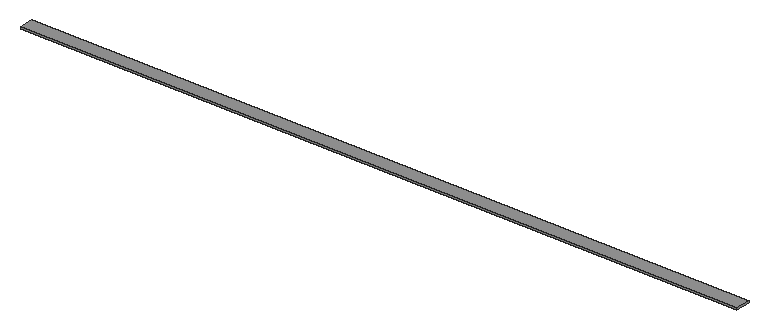
Revit family "0068115", category Lighting Fixtures, host Face, Revit 2017
Family settings
  Host = Face
  Round Connector Dimension = Use Diameter
  Part Type = Normal
  OmniClass Number = 23.80.70.00
  OmniClass Title = Lighting
  Cut with Voids When Loaded = No
  Light Source = Yes
  Shared = No
  Room Calculation Point = No
Parameters (values of type "0068115 START FLEX IP20 840 11750LM - 500 mm")
  Width_SYL = if(IP20HO_SYL, 10 mm, if(IP65_SYL, 12 mm, if(IP65HO_SYL, 10 mm, if(IP67_SYL, 10 mm, if(IP20RGB_SYL, 8 mm, if(IP20RGBW_SYL, 12 mm, if(IP67RGB_SYL, 12 mm, if(IP67RGBW_SYL, 14 mm, 8 mm))))))))  # 10 mm
  Weight = "2.0 kg"
  Wattage Comments = ""
  Wattage = 82.5 W
  WarrantyStartDate [instance] = "n/a"
  WarrantyGuarantorParts = "n/a"
  WarrantyDurationUnit = "n/a"
  WarrantyDurationParts = "n/a"
  WarrantyDescription = "n/a"
  built-in parameter 1150110 = 1 (stored number, unit not read)
  Voltage = 24 V
  URL = "http://www.sylvania-lighting.com"
  TypeName = "START FLEX IP20 840 11750LM - 500 mm"
  Type Image = <None>
  Type Comments = "n/a"
  built-in parameter 1114217 = 1 (stored number, unit not read)
  Tilt Angle = -90.00°
  built-in parameter 1150109 = 1 (stored number, unit not read)
  built-in parameter 1150134 = 12
  built-in parameter 1150113 = 1 (stored number, unit not read)
  StartCapWidth_SYL = if(IP20HO_SYL, 2 mm, if(IP65_SYL, 14 mm, if(IP65HO_SYL, 12 mm, if(IP67_SYL, 17.5 mm, if(IP20RGB_SYL, 2 mm, if(IP20RGBW_SYL, 2 mm, if(IP67RGB_SYL, 14 mm, if(IP67RGBW_SYL, 16 mm, 2 mm))))))))  # 2 mm
  StartCapVisible_SYL [instance] = no
  StartCapLength_SYL = if(IP20HO_SYL, 2 mm, if(IP65_SYL, 10 mm, if(IP65HO_SYL, 15 mm, if(IP67_SYL, 35 mm, if(IP20RGB_SYL, 2 mm, if(IP20RGBW_SYL, 2 mm, if(IP67RGB_SYL, 12 mm, if(IP67RGBW_SYL, 12 mm, 2 mm))))))))  # 2 mm
  StartCapHeight_SYL = if(IP20HO_SYL, 2 mm, if(IP65_SYL, 6 mm, if(IP65HO_SYL, 6 mm, if(IP67_SYL, 9.5 mm, if(IP20RGB_SYL, 2 mm, if(IP20RGBW_SYL, 2 mm, if(IP67RGB_SYL, 7 mm, if(IP67RGBW_SYL, 7 mm, 2 mm))))))))  # 2 mm
  SerialNumber [instance] = "n/a"
  SealingVisibility_SYL = no
  IP67_SYL = no
  IP67RGB_SYL = no
  IP67RGBW_SYL = no
  IP65_SYL = no
  IP65HO_SYL = no
  IP20RGB_SYL = no
  IP20RGBW_SYL = no
  IP20HO_SYL = yes
  HeightWithSealing_SYL = if(IP20HO_SYL, 2 mm, if(IP65_SYL, 4 mm, if(IP65HO_SYL, 4 mm, if(IP67_SYL, 6 mm, if(IP20RGB_SYL, 2 mm, if(IP20RGBW_SYL, 2 mm, if(IP67RGB_SYL, 5 mm, if(IP67RGBW_SYL, 5 mm, 2 mm))))))))  # 2 mm
  Photometric Web File = "0068115.ies"
  Material_3_SYL = ABS Plastic
  PowerFactor = 0
  PowerConsumption = "82.5 W"
  NominalLength = 5000 mm
  NominalHeight = 1.2 mm
  NominalDepth = 10 mm
  Name = "START FLEX IP20 840 11750LM - 500 mm"
  ModelReference = Name  # "START FLEX IP20 840 11750LM - 500 mm"
  ModelNumber = "0068115"
  Model = Name  # "START FLEX IP20 840 11750LM - 500 mm"
  Material = "none diffuser"
  ManufacturerName = "Feilo Sylvania"
  Manufacturer = "Feilo Sylvania"
  LuminousEfficacy = "142 lm/W"
  built-in parameter 1150105 = 3935.9 (stored number, unit not read)
  Lumens = 11715 lm
  LuminaireType = ""
  built-in parameter 1150115 = 1 (stored number, unit not read)
  LightOutputRatio = "n/a"
  built-in parameter 1150137 = (empty or 0)
  built-in parameter 1150139 = (empty or 0)
  Length_SYL = 500 mm
  LampsType = Lamp  # "LED"
  LampNominalLuminous = "11750 lm"
  LampMacAdamStep = "3"
  LampColourTemperature = "4000 K"
  LampColourRenderingIndex = "80"
  built-in parameter 1150112 = 1 (stored number, unit not read)
  built-in parameter 1150114 = 1 (stored number, unit not read)
  Lamp = "LED"
  Keynote = "16500"
  InstallationDate [instance] = "n/a"
  InputVoltage = "24V DC"
  InputNominalFrequency = "n/a"
  built-in parameter 1150132 = (empty or 0)
  built-in parameter 1150102 = (empty or 0)
  built-in parameter 1150107 = 4000 (stored number, unit not read)
  built-in parameter 1150138 = (empty or 0)
  IngressProtection = "IP20"
  ImpactProtectionIndex = "IK00"
  built-in parameter 1150106 = 39.359 (stored number, unit not read)
  IfcExportType = "IfcLightFixtureType"
  IfcExportAs = "IfcLightFixtureType"
  EndCapWidth_SYL = if(IP20HO_SYL, 2 mm, if(IP65_SYL, 14 mm, if(IP65HO_SYL, 12 mm, if(IP67_SYL, 17.5 mm, if(IP20RGB_SYL, 2 mm, if(IP20RGBW_SYL, 2 mm, if(IP67RGB_SYL, 14 mm, if(IP67RGBW_SYL, 16 mm, 2 mm))))))))  # 2 mm
  EndCapVisible_SYL [instance] = no
  EndCapLength_SYL = if(IP20HO_SYL, 2 mm, if(IP65_SYL, 10 mm, if(IP65HO_SYL, 10 mm, if(IP67_SYL, 15 mm, if(IP20RGB_SYL, 2 mm, if(IP20RGBW_SYL, 2 mm, if(IP67RGB_SYL, 10 mm, if(IP67RGBW_SYL, 10 mm, 2 mm))))))))  # 2 mm
  EndCapHeight_SYL = if(IP20HO_SYL, 2 mm, if(IP65_SYL, 6 mm, if(IP65HO_SYL, 6 mm, if(IP67_SYL, 9.5 mm, if(IP20RGB_SYL, 2 mm, if(IP20RGBW_SYL, 2 mm, if(IP67RGB_SYL, 7 mm, if(IP67RGBW_SYL, 7 mm, 2 mm))))))))  # 2 mm
  EmitSurfaceOffset_SYL = 1 mm  # constant formula
  EmitSurfaceHeight_SYL = if(IP20HO_SYL, 1.2 mm, if(IP65_SYL, 4 mm, if(IP65HO_SYL, 4 mm, if(IP67_SYL, 6 mm, if(IP20RGB_SYL, 1.2 mm, if(IP20RGBW_SYL, 1.2 mm, if(IP67RGB_SYL, 5 mm, if(IP67RGBW_SYL, 5 mm, 1.2 mm))))))))  # 1.2 mm
  Emit from Rectangle Width = if(IP20HO_SYL, 3.5 mm, if(IP65_SYL, 12 mm, if(IP65HO_SYL, 10 mm, if(IP67_SYL, 10 mm, if(IP20RGB_SYL, 5 mm, if(IP20RGBW_SYL, 5 mm, if(IP67RGB_SYL, 12 mm, if(IP67RGBW_SYL, 14 mm, 3.5 mm))))))))  # 3.5 mm
  Emit from Rectangle Length = Length_SYL - 2 * EmitSurfaceOffset_SYL  # 498 mm
  Emit Shape Visible in Rendering = no
  ElectricShockClassification = "Class III"
  built-in parameter 1150104 = 13.192 (stored number, unit not read)
  DocumentationLiterature = "http://www.sylvania-lighting.com/product/en-int/products/0068115"
  DimmingControlOptions = "n/a"
  Material_2_SYL = LED
  Dimming Lamp Color Temperature Shift = <None>
  Description = "5 metre IP20 LED reel with pre-attached 3M adhesive type;  equipped with 420 LEDs; 11750lm per 5m (2350lm per 1m); 24V; 4000K; CRI80; SDCM <3; 50000 hrs (L70). Needs to be used with aluminium profile for cooling LED chips purpose and therefore assuring longer lifetime (Profile HO Surface 16 0022604 can be used)"
  Default Elevation = 1219.2 mm
  CreatedOn = "9/11/2019"
  CreatedBy = "@sylvania-lighting.com"
  Cost = 0
  Color Filter = 16777215
  built-in parameter 1114216 [instance] = (empty or 0)
  ClassificationValue = "EF_70_80"
  ClassificationName = "Uniclass2015"
  Material_1_SYL = Aluminum
  BarCode [instance] = "n/a"
  built-in parameter 1114218 = 1 (stored number, unit not read)
  built-in parameter 1150133 = 10 (stored number, unit not read)
  AssetType = "Fixed"
  AssetIdentifier [instance] = "n/a"
  Assembly Code = "D5020200"
  Apparent Load = 82.5 VA
  Material_4_SYL = Polycarbonate, Clear
Types (4, lengths in mm): name | TypeName | StartCapVisible_SYL | Name | ModelReference | Model | Length_SYL | EndCapVisible_SYL | Emit from Rectangle Length
  0068115 START FLEX IP20 840 11750LM - 500 mm | "START FLEX IP20 840 11750LM - 500 mm" | no | "START FLEX IP20 840 11750LM - 500 mm" | "START FLEX IP20 840 11750LM - 500 mm" | "START FLEX IP20 840 11750LM - 500 mm" | 500 | no | 498
  0068115 START FLEX IP20 840 11750LM - 100 mm | "START FLEX IP20 840 11750LM - 100 mm" | no | "START FLEX IP20 840 11750LM - 100 mm" | "START FLEX IP20 840 11750LM - 100 mm" | "START FLEX IP20 840 11750LM - 100 mm" | 100 | no | 98
  0068115 START FLEX IP20 840 11750LM - 50 mm | "START FLEX IP20 840 11750LM - 50 mm" | yes | "START FLEX IP20 840 11750LM - 50 mm" | "START FLEX IP20 840 11750LM - 50 mm" | "START FLEX IP20 840 11750LM - 50 mm" | 50 | yes | 48
  0068115 START FLEX IP20 840 11750LM - 10 mm | "START FLEX IP20 840 11750LM - 10 mm" | yes | "START FLEX IP20 840 11750LM - 10 mm" | "START FLEX IP20 840 11750LM - 10 mm" | "START FLEX IP20 840 11750LM - 10 mm" | 10 | yes | 8
Reference planes
  plane 1 "Center (Front/Back)": y = 0
  plane 2: z = 0
  plane 3 "Center (Left/Right)": x = 0
  plane 4: y = 5
  plane 5: y = -5
  plane 6: z = 1.2
  plane 7: x = 500
  plane 8: x = 250
  plane 9: x = 1
  plane 10: x = 499
  plane 11: y = 1.8
  plane 12: y = -1.8
  plane 13: y = 1
  plane 14: y = -1
  plane 15: x = -2
  plane 16: x = 502
  plane 17: y = 1
  plane 18: y = -1
  plane 19: z = 1.2
  plane 20: z = 2
  plane 21: z = 0.6
  plane 22: z = -0.4
  plane 23: z = 1.6
  plane 24: z = 1.6
  plane 25: z = -0.4
Forms (mm)
  Extrusion 1, solid, material "Aluminum" <- "Material_1_SYL"
    sketch origin (0, 0, 0) x (0, 1, 0) y (0, 0, 1)
      loop
        line (-5, 1.2) -> (-5, 0) -> (5, 0) -> (5, 1.2) -> (-5, 1.2)
    from 0 to 500
  Extrusion 2, solid, material "Polycarbonate, Clear" <- "Material_4_SYL", visible <- "SealingVisibility_SYL"
    sketch origin (0, 0, 0) x (0, 1, 0) y (0, 0, 1)
      loop
        line (-5, 1.2) -> (5, 1.2) -> (5, 2) -> (-5, 2) -> (-5, 1.2)
    from 0 to 500
  Extrusion 3, solid, visible <- "StartCapVisible_SYL"
    sketch origin (0, 0, 0) x (0, 1, 0) y (0, 0, 1)
      loop
        line (-1, -0.4) -> (1, -0.4) -> (1, 1.6) -> (-1, 1.6) -> (-1, -0.4)
    from 0 to -2
  Extrusion 4, solid, visible <- "EndCapVisible_SYL"
    sketch origin (500, 1524, 1219.2) x (0, 1, 0) y (0, 0, 1)
      loop
        line (-1523, -1219.6) -> (-1523, -1217.6) -> (-1525, -1217.6) -> (-1525, -1219.6) -> (-1523, -1219.6)
    from 0 to 2
Lines and regions (mm)
  Split face 1
    outline origin (0, -5, 1.2) x (0, 1, 0) y (-1, 0, 0)
      loop
        line (6.8, -1) -> (3.2, -1) -> (3.2, -499) -> (6.8, -499) -> (6.8, -1)
  reference lines
    curve 1: line (1, 1.8, 0) -> (499, 1.8, 0)
    curve 2: line (1, -1.8, 0) -> (1, 1.8, 0)
    curve 3: line (499, -1.8, 0) -> (1, -1.8, 0)
    curve 4: line (499, 1.8, 0) -> (499, -1.8, 0)
Dimensions and locks
  equal spacing: plane 5, plane 1 "Center (Front/Back)", plane 4
  "Width_SYL": plane 5 to plane 4
  "Length_SYL": plane 3 "Center (Left/Right)" to plane 7
  "EmitSurfaceOffset_SYL": plane 3 "Center (Left/Right)" to plane 9
  equal spacing: plane 9, plane 8, plane 10
  "EmitSurfaceOffset_SYL": plane 10 to plane 7
  equal spacing: plane 12, plane 1 "Center (Front/Back)", plane 11
  locked: plane 12 to plane 11 at 3.6
  equal spacing: plane 14, plane 1 "Center (Front/Back)", plane 13
  "StartCapWidth_SYL": plane 14 to plane 13
  "StartCapLength_SYL": plane 15 to plane 3 "Center (Left/Right)"
  equal spacing: plane 18, plane 1 "Center (Front/Back)", plane 17
  "EndCapWidth_SYL": plane 18 to plane 17
  "EndCapLength_SYL": plane 7 to plane 16
  "EmitSurfaceHeight_SYL": plane 19 to plane 2
  "HeightWithSealing_SYL": host face to plane 20
  equal spacing: plane 2, plane 21, plane 19
  equal spacing: plane 22, plane 21, plane 23
  "EndCapHeight_SYL": plane 22 to plane 23
  equal spacing: plane 25, plane 21, plane 24
  "StartCapHeight_SYL": plane 25 to plane 24
  aligned and locked: plane 2 to host face
  aligned and locked: level to host face
  aligned and locked: plane 6 to Extrusion 1 sketch curve
  aligned and locked: Extrusion 1 sketch curve to plane 5
  aligned and locked: level to Extrusion 1 sketch curve
  aligned and locked: plane 4 to Extrusion 1 sketch curve
  aligned and locked: plane 7 to Extrusion 1
  aligned and locked: imposter light to plane 1 "Center (Front/Back)"
  aligned and locked: plane 8 to imposter light
  aligned and locked: plane 11 to curve 1
  aligned and locked: plane 9 to curve 2
  aligned and locked: curve 3 to plane 12
  aligned and locked: curve 4 to plane 10
  aligned and locked: Split face 1 sketch curve to curve 1
  aligned and locked: Split face 1 sketch curve to curve 4
  aligned and locked: Split face 1 sketch curve to curve 3
  aligned and locked: Split face 1 sketch curve to curve 2
  aligned and locked: imposter light to plane 19
  aligned and locked: Extrusion 2 sketch curve to Extrusion 1  (x2)
  aligned and locked: Extrusion 2 sketch curve to plane 20
  aligned and locked: Extrusion 2 sketch curve to plane 4
  aligned and locked: Extrusion 2 to plane 3 "Center (Left/Right)"
  aligned and locked: plane 7 to Extrusion 2
  aligned and locked: plane 22 to Extrusion 3 sketch curve
  aligned and locked: plane 14 to Extrusion 3 sketch curve
  aligned and locked: Extrusion 3 sketch curve to plane 23
  aligned and locked: Extrusion 3 sketch curve to plane 13
  aligned and locked: Extrusion 3 to plane 15
  aligned and locked: plane 3 "Center (Left/Right)" to Extrusion 3
  aligned and locked: plane 13 to Extrusion 4 sketch curve
  aligned and locked: plane 23 to Extrusion 4 sketch curve
  aligned and locked: Extrusion 4 sketch curve to plane 18
  aligned and locked: Extrusion 4 sketch curve to plane 25
  aligned and locked: plane 16 to Extrusion 4
  aligned and locked: Extrusion 4 to plane 7
Automatic sketch dimensions
  host sketch curve to host sketch curve = 600 mm
  host sketch curve to host sketch curve = 100 mm
Connectors
  electrical at (0, 0, 0.6), driven by "Voltage", driven by "Apparent Load", driven by "PowerFactor"
    settings: on Extrusion 1, index 1, voltage 24 V, apparent load 82.5 VA, apparent load phase1 0 VA, apparent load phase2 0 VA, apparent load phase3 0 VA, power factor 0, load classification "Other", number of poles 1, system type 30, power factor state 1, is connector primary yes, connector utility no, sub classification motor no, connector description ""
